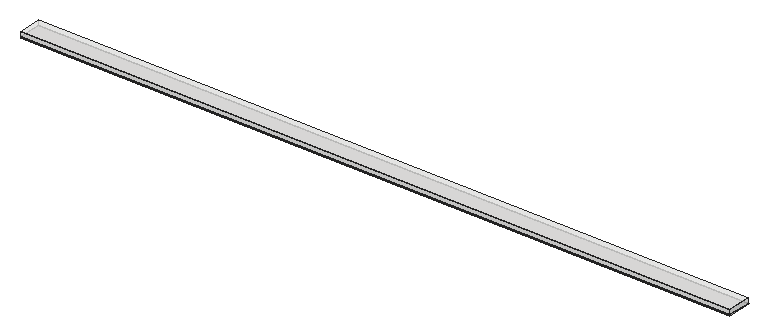
Revit family "Lighting - Luminii - LineLED - LL72 VHO - Array", category Lighting Fixtures, host Face, Revit 2020
Family settings
  Host = Face
  Round Connector Dimension = Use Diameter
  Part Type = Normal
  OmniClass Number = 23.80.70.11.14.21
  OmniClass Title = Spots and Tracklight Specialties
  Cut with Voids When Loaded = No
  Light Source = No
  Shared = Yes
  Room Calculation Point = No
Parameters (values of type "LineLED LL72 VHO")
  Width = 25/64"  # constant formula
  Wattage Comments = "6.0 W/ft"  # constant formula
  Warranty URL = "https://www.luminii.com/terms-conditions/"
  Voltage Comments = " 24 VDC"  # constant formula
  Voltage = 24 V  # constant formula
  Version = "2020 - v1.0a"  # constant formula
  URL = "https://www.luminii.com/"
  Support Phone = "224-699-9545"  # constant formula
  Support Email = "mailto:support@bimsmith.com"
  Product Page URL = "https://www.luminii.com/product/lineled-ll72-vho/"
  Product Name = "LineLED LL Series"  # constant formula
  Product Documentation Link = "https://www.luminii.com/wp-content/uploads/z_special_catalog_products/products/lineled-ll72-vho/specsheets/LLSeries%2042-72%20Reels-Spec.pdf"
  Power Source Type = "Driver"  # constant formula
  Power Factor = 1
  Phase = 1
  Operating Temperature = "Consult Manufacturer Website for more Information"  # constant formula
  Number of Poles = if(and(or(Voltage = 120 V, Voltage = 277 V), Phase = 1), 1, if(and(or(Voltage = 208 V, Voltage = 240 V), Phase = 1), 2, if(and(or(Voltage = 208 V, Voltage = 240 V), Phase = 3), 3, if(and(Voltage > 300 V, Phase = 1), 2, if(and(Voltage > 400 V, Phase = 3), 3, 1)))))  # 1
  Mounting Method = "Surface Mount"  # constant formula
  Model = "LL72-VHO"
  Manufacturer Phone Number = "224-333-6033"  # constant formula
  Manufacturer Email = "mailto:info@luminii.com"
  Manufacturer Address = "7777 N Merrimac Ave, Niles, IL 60714"  # constant formula
  Manufacturer = "Luminii"  # constant formula
  Lumen Output = "537 lm/ft"  # constant formula
  Load Classification = Lighting
  Lens Material = Plastic - Luminii - Frosted Lens
  Length Comments [instance] = "Perfomance based on 1\" Photometric Web File, consult Manufacturer for custom sizes"  # constant formula
  Length [instance] = if(Desired Length < 12", 12", if(Desired Length > 264", 264", (round(Desired Length / 12")) * 12"))  # 12"
  Lamp Life = 1
  Lamp = "LED"  # constant formula
  Keynote = "26 50 00"
  Instruction Sheet Link = "https://www.luminii.com/wp-content/uploads/z_special_catalog_products/products/lineled-ll72-vho/install-guides/LL42-LL72-INSTALL_specification.pdf"
  Initial Color Comments = "Perfomance based on 3000K Photometric Web File"  # constant formula
  Housing Protection Rating = "Consult Manufacturer Website for more Information"  # constant formula
  Has Dimming = 1 = 1  # yes
  Has Battery Backup = 0 = 1  # no
  Frequency Comments = ""  # constant formula
  Frequency = 60 Hz
  Finish = Metal - Luminii - Silver Anodized Aluminum
  Environment = "Indoor"  # constant formula
  Desired Length [instance] = 12"
  Description = "Linear LED strip - 24 VDC"  # constant formula
  Depth = 23/256"  # constant formula
  Default Elevation = 0"  # constant formula
  Current Amps = 50 A
  Copyright = "©2023 Luminii"  # constant formula
  built-in parameter 1114216 [instance] = 0  # (empty or 0)
  built-in parameter 1140040 [instance] = 1 = 1  # 1
  CCT = "3000K"
  C LED Number [instance] = Length / 1"  # 12
  Assembly Code = "D5020230"
  Apparent Load = 6.2 VA
Reference planes (in)
  plane 1 "Center (Front/Back)": y = 0
  plane 2: z = 0
  plane 3 "Center (Left/Right)": x = 0
  plane 4: x = -6
  plane 5: x = 6
  plane 6: y = 0.19531
  plane 7: y = -0.19531
  plane 8: z = 0.08984
  plane 9: z = 0.01
Forms (in)
  Extrusion 1, solid, material "Metal - Luminii - Silver Anodized Aluminum", not visible
    sketch origin (0, 0, 0) x (1, 0, 0) y (0, 1, 0)
      loop
        circle (0, 0) r 0.5
    from 0 to -0.17225
  Extrusion 2, solid, material "Metal - Luminii - Silver Anodized Aluminum" <- "Finish"
    sketch origin (0, 0, 0) x (1, 0, 0) y (0, 1, 0)
      loop
        line (-6, 0.19531) -> (-6, -0.19531) -> (6, -0.19531) -> (6, 0.19531) -> (-6, 0.19531)
    from 0 to 0.01
  Extrusion 3, solid, material "Plastic - Luminii - Frosted Lens" <- "Lens Material"
    sketch origin (0, 0, 0) x (1, 0, 0) y (0, 1, 0)
      loop
        line (-6, 0.19531) -> (-6, -0.19531) -> (6, -0.19531) -> (6, 0.19531) -> (-6, 0.19531)
    from 0.08984 to 0.01
Dimensions and locks (in)
  equal spacing: plane 4, plane 3 "Center (Left/Right)", plane 5
  equal spacing: plane 6, plane 1 "Center (Front/Back)", plane 7
  "Length": plane 4 to plane 5
  "Width": plane 6 to plane 7
  "Depth": plane 8 to plane 2
  equal spacing: group 1, group 3, group 4, group 5, group 6, group 7, group 8, group 9, group 10, group 11, group 12, group 2  (x3)
  aligned and locked: plane 2 to host face
  aligned and locked: plane 3 "Center (Left/Right)" to Extrusion 1 sketch curve
  aligned and locked: plane 1 "Center (Front/Back)" to Extrusion 1 sketch curve
  aligned and locked: plane 2 to Extrusion 1  (x2)
  aligned and locked: Extrusion 2 sketch curve to plane 6
  aligned and locked: plane 4 to Extrusion 2 sketch curve
  aligned and locked: plane 7 to Extrusion 2 sketch curve
  aligned and locked: Extrusion 2 sketch curve to plane 5
  aligned and locked: Extrusion 2 to level
  aligned and locked: plane 9 to Extrusion 2
  aligned and locked: Extrusion 3 sketch curve to Extrusion 2  (x4)
  aligned and locked: plane 8 to Extrusion 3
  aligned and locked: Extrusion 3 to Extrusion 2
  aligned and locked: plane 4 to nested 1
  aligned and locked: plane 2 to nested 1
  aligned and locked: plane 1 "Center (Front/Back)" to nested 1
  aligned and locked: plane 2 to nested 2
  aligned and locked: plane 5 to nested 2
  aligned and locked: plane 1 "Center (Front/Back)" to nested 2
Automatic sketch dimensions
  host sketch curve to host sketch curve = 96"  (x2)
  radius of Extrusion 1 sketch curve = 1/2"
Nested families (in)
  nested 1: "Lighting - Luminii - LineLED - LL72 VHO - Nested Light Source" at (-5.5, 0, 0), type "LineLED LL72 VHO"
    with Length Comments "Perfomance based on 1\" Photometric Web File, consult Manufacturer for custom sizes", Length 1", Desired Length 1", built-in parameter 1114216 (empty or 0), built-in parameter 1140040 1
  nested 2: "Lighting - Luminii - LineLED - LL72 VHO - Nested Light Source" at (5.5, 0, 0), type "LineLED LL72 VHO"
    with Length Comments "Perfomance based on 1\" Photometric Web File, consult Manufacturer for custom sizes", Length 1", Desired Length 1", built-in parameter 1114216 (empty or 0), built-in parameter 1140040 1
  nested 3: "Lighting - Luminii - LineLED - LL72 VHO - Nested Light Source" at (-4.5, 0, 0), type "LineLED LL72 VHO"
    with Length Comments "Perfomance based on 1\" Photometric Web File, consult Manufacturer for custom sizes", Length 1", Desired Length 1", built-in parameter 1114216 (empty or 0), built-in parameter 1140040 1
  nested 4: "Lighting - Luminii - LineLED - LL72 VHO - Nested Light Source" at (-3.5, 0, 0), type "LineLED LL72 VHO"
    with Length Comments "Perfomance based on 1\" Photometric Web File, consult Manufacturer for custom sizes", Length 1", Desired Length 1", built-in parameter 1114216 (empty or 0), built-in parameter 1140040 1
  nested 5: "Lighting - Luminii - LineLED - LL72 VHO - Nested Light Source" at (-2.5, 0, 0), type "LineLED LL72 VHO"
    with Length Comments "Perfomance based on 1\" Photometric Web File, consult Manufacturer for custom sizes", Length 1", Desired Length 1", built-in parameter 1114216 (empty or 0), built-in parameter 1140040 1
  nested 6: "Lighting - Luminii - LineLED - LL72 VHO - Nested Light Source" at (-1.5, 0, 0), type "LineLED LL72 VHO"
    with Length Comments "Perfomance based on 1\" Photometric Web File, consult Manufacturer for custom sizes", Length 1", Desired Length 1", built-in parameter 1114216 (empty or 0), built-in parameter 1140040 1
  nested 7: "Lighting - Luminii - LineLED - LL72 VHO - Nested Light Source" at (-0.5, 0, 0), type "LineLED LL72 VHO"
    with Length Comments "Perfomance based on 1\" Photometric Web File, consult Manufacturer for custom sizes", Length 1", Desired Length 1", built-in parameter 1114216 (empty or 0), built-in parameter 1140040 1
  nested 8: "Lighting - Luminii - LineLED - LL72 VHO - Nested Light Source" at (0.5, 0, 0), type "LineLED LL72 VHO"
    with Length Comments "Perfomance based on 1\" Photometric Web File, consult Manufacturer for custom sizes", Length 1", Desired Length 1", built-in parameter 1114216 (empty or 0), built-in parameter 1140040 1
  nested 9: "Lighting - Luminii - LineLED - LL72 VHO - Nested Light Source" at (1.5, 0, 0), type "LineLED LL72 VHO"
    with Length Comments "Perfomance based on 1\" Photometric Web File, consult Manufacturer for custom sizes", Length 1", Desired Length 1", built-in parameter 1114216 (empty or 0), built-in parameter 1140040 1
  nested 10: "Lighting - Luminii - LineLED - LL72 VHO - Nested Light Source" at (2.5, 0, 0), type "LineLED LL72 VHO"
    with Length Comments "Perfomance based on 1\" Photometric Web File, consult Manufacturer for custom sizes", Length 1", Desired Length 1", built-in parameter 1114216 (empty or 0), built-in parameter 1140040 1
  nested 11: "Lighting - Luminii - LineLED - LL72 VHO - Nested Light Source" at (3.5, 0, 0), type "LineLED LL72 VHO"
    with Length Comments "Perfomance based on 1\" Photometric Web File, consult Manufacturer for custom sizes", Length 1", Desired Length 1", built-in parameter 1114216 (empty or 0), built-in parameter 1140040 1
  nested 12: "Lighting - Luminii - LineLED - LL72 VHO - Nested Light Source" at (4.5, 0, 0), type "LineLED LL72 VHO"
    with Length Comments "Perfomance based on 1\" Photometric Web File, consult Manufacturer for custom sizes", Length 1", Desired Length 1", built-in parameter 1114216 (empty or 0), built-in parameter 1140040 1
Connectors (in)
  electrical at (0, 0, 0), driven by "Number of Poles", driven by "Load Classification", driven by "Voltage", driven by "Apparent Load", driven by "Power Factor"
    settings: on Extrusion 1, index 1, voltage 24 V, apparent load 6.2 VA, apparent load phase1 0 VA, apparent load phase2 0 VA, apparent load phase3 0 VA, power factor 1, load classification "Lighting", number of poles 1, system type 30, power factor state 1, is connector primary yes, connector utility no, sub classification motor no, connector description "Power Connection"
Definition of nested family "Lighting - Luminii - LineLED - LL72 VHO - Nested Light Source"
  Parameters (values of type "LineLED LL72 VHO")
    Width = 25/64"  # constant formula
    Wattage Comments = "6.0 W/ft"  # constant formula
    Wattage = 6.2 W
    Warranty URL = "https://www.luminii.com/terms-conditions/"
    built-in parameter 1150110 = 1 (stored number, unit not read)
    Voltage Comments = " 24 VDC"  # constant formula
    Voltage = 24 V  # constant formula
    Version = "2020 - v1.0a"  # constant formula
    URL = "https://www.luminii.com/"
    built-in parameter 1114217 = 1 (stored number, unit not read)
    Tilt Angle = -90.00°  # constant formula
    built-in parameter 1150109 = 1 (stored number, unit not read)
    built-in parameter 1150134 = (empty or 0)
    built-in parameter 1150113 = 1 (stored number, unit not read)
    Support Phone = "224-699-9545"  # constant formula
    Support Email = "mailto:support@bimsmith.com"
    Product Page URL = "https://www.luminii.com/product/lineled-ll72-vho/"
    Product Name = "LineLED LL Series"  # constant formula
    Product Documentation Link = "https://www.luminii.com/wp-content/uploads/z_special_catalog_products/products/lineled-ll72-vho/specsheets/LLSeries%2042-72%20Reels-Spec.pdf"
    Power Source Type = "Driver"  # constant formula
    Power Factor = 1
    Photometric Web File = "LL72-VHO-30K IES.IES"
    Phase = 1
    Operating Temperature = "Consult Manufacturer Website for more Information"  # constant formula
    Number of Poles = if(and(or(Voltage = 120 V, Voltage = 277 V), Phase = 1), 1, if(and(or(Voltage = 208 V, Voltage = 240 V), Phase = 1), 2, if(and(or(Voltage = 208 V, Voltage = 240 V), Phase = 3), 3, if(and(Voltage > 300 V, Phase = 1), 2, if(and(Voltage > 400 V, Phase = 3), 3, 1)))))  # 1
    Mounting Method = "Surface Mount"  # constant formula
    Model = "LL72-VHO"
    Manufacturer Phone Number = "224-333-6033"  # constant formula
    Manufacturer Email = "mailto:info@luminii.com"
    Manufacturer Address = "7777 N Merrimac Ave, Niles, IL 60714"  # constant formula
    Manufacturer = "Luminii"  # constant formula
    built-in parameter 1150105 = 44.404 (stored number, unit not read)
    Lumens = 558 lm
    built-in parameter 1150115 = 1 (stored number, unit not read)
    Lumen Output = "537 lm/ft"  # constant formula
    Load Classification = none
    built-in parameter 1150137 = (empty or 0)
    built-in parameter 1150139 = (empty or 0)
    Lens Material = none
    Length Comments [instance] = "Perfomance based on 1\" Photometric Web File, consult Manufacturer for custom sizes"  # constant formula
    Length [instance] = 1"  # constant formula
    built-in parameter 1150112 = 1 (stored number, unit not read)
    built-in parameter 1150114 = 1 (stored number, unit not read)
    Lamp Life = 1
    Lamp = "LED"  # constant formula
    Keynote = "26 50 00"
    Instruction Sheet Link = "https://www.luminii.com/wp-content/uploads/z_special_catalog_products/products/lineled-ll72-vho/install-guides/LL42-LL72-INSTALL_specification.pdf"
    built-in parameter 1150132 = (empty or 0)
    built-in parameter 1150102 = (empty or 0)
    built-in parameter 1150107 = 3000 (stored number, unit not read)
    Initial Color Comments = "Perfomance based on 3000K Photometric Web File"  # constant formula
    built-in parameter 1150138 = (empty or 0)
    built-in parameter 1150106 = 0.44404 (stored number, unit not read)
    Housing Protection Rating = "Consult Manufacturer Website for more Information"  # constant formula
    Has Dimming = 1 = 1  # yes
    Has Battery Backup = 0 = 1  # no
    Frequency Comments = ""  # constant formula
    Frequency = 60 Hz
    Finish = none
    Environment = "Indoor"  # constant formula
    Emit from Rectangle Width = Width  # 25/64"
    Emit from Rectangle Length = 1"  # constant formula
    Emit Shape Visible in Rendering = yes
    built-in parameter 1150104 = 8.3613 (stored number, unit not read)
    Dimming Lamp Color Temperature Shift = (empty or 0)
    Desired Length [instance] = 1"  # constant formula
    Description = "Linear LED strip - 24 VDC"  # constant formula
    Depth = 23/256"  # constant formula
    Default Elevation = 0"  # constant formula
    Current Amps = 50 A
    Copyright = "©2023 Luminii"  # constant formula
    Color Filter = 16777215
    built-in parameter 1114216 [instance] = 0  # (empty or 0)
    built-in parameter 1140040 [instance] = 1 = 1  # 1
    CCT = "3000K"
    built-in parameter 1114218 = 1 (stored number, unit not read)
    built-in parameter 1150133 = 10 (stored number, unit not read)
    Assembly Code = "D5020230"
    Apparent Load = Wattage / Power Factor  # 6.2 VA
  Reference planes (in)
    plane 1 "Center (Front/Back)": y = 0
    plane 2: z = 0
    plane 3 "Center (Left/Right)": x = 0
    plane 4: x = -0.5
    plane 5: x = 0.5
    plane 6: y = 0.19531
    plane 7: y = -0.19531
    plane 8: z = 0.08984
  Forms (in)
    Extrusion 1, solid
      sketch origin (0, 0, 0) x (1, 0, 0) y (0, 1, 0)
        loop
          line (-48, 48) -> (-48, -48) -> (48, -48) -> (48, 48) -> (-48, 48)
      from 0 to -12
    Extrusion 2, solid, not visible
      sketch origin (0, 0, 0) x (1, 0, 0) y (0, 1, 0)
        loop
          circle (0, 0) r 0.5
      from 0 to -0.17225
  Dimensions and locks (in)
    equal spacing: plane 4, plane 3 "Center (Left/Right)", plane 5
    equal spacing: plane 6, plane 1 "Center (Front/Back)", plane 7
    "Length": plane 4 to plane 5
    "Width": plane 6 to plane 7
    "Depth": plane 8 to plane 2
    aligned and locked: plane 2 to Extrusion 1
    aligned and locked: plane 3 "Center (Left/Right)" to Extrusion 2 sketch curve
    aligned and locked: plane 1 "Center (Front/Back)" to Extrusion 2 sketch curve
    aligned and locked: plane 2 to Extrusion 2  (x2)
    aligned and locked: imposter light to plane 3 "Center (Left/Right)"
    aligned and locked: imposter light to plane 1 "Center (Front/Back)"
    aligned and locked: imposter light to plane 8
  Automatic sketch dimensions
    Extrusion 1 sketch curve to Extrusion 1 sketch curve = 96"  (x2)
    radius of Extrusion 2 sketch curve = 1/2"
  Connectors (in)
    electrical at (0, 0, 0), driven by "Number of Poles", driven by "Load Classification", driven by "Voltage", driven by "Apparent Load", driven by "Power Factor"
      settings: on Extrusion 2, index 1, voltage 24 V, apparent load 6.2 VA, apparent load phase1 0 VA, apparent load phase2 0 VA, apparent load phase3 0 VA, power factor 1, load classification none, number of poles 1, system type 30, power factor state 1, is connector primary yes, connector utility no, sub classification motor no, connector description "Power Connection"
